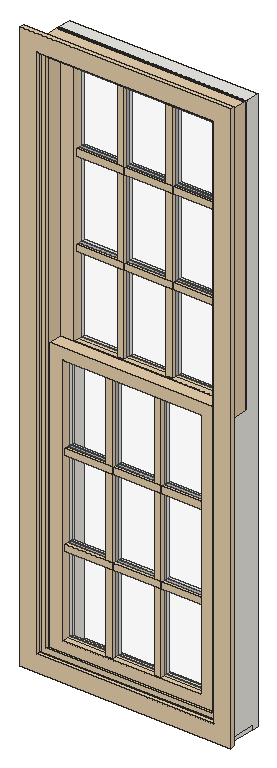
Revit family "Window-Double_Hung-Andersen-400_Series-Tilt_Wash", category Windows, host Wall, Revit 2019
Family settings
  Host = Wall
  OmniClass Number = 23.30.20.17.17.11
  OmniClass Title = Single-Hung Windows
  Always vertical = Yes
  Cut with Voids When Loaded = No
  Shared = No
  Room Calculation Point = No
Parameters (values of type "25-5/8" x 76-7/8"")
  Visual Light Transmittance = 0.48  # constant formula
  Thermal Resistance (R) = 0.58645  # 3.3300 (h·ft²·°F)/BTU
  TFL = if(Fractional Lights High > 5, 3, if(or(Fractional Lights High = 4, Fractional Lights High = 5), 2, if(or(Fractional Lights High = 2, Fractional Lights High = 3), 1, 1)))  # 1
  TFB = TFL - 1  # 0
  Solar Heat Gain Coefficient = 0.21  # constant formula
  Sill MO Offset = if(Enter Exterior Trim Number > 0, 0' 1 15/16" + Masonry Opening Offset, 0' 0 1/4")  # 0' - 0 1/4"
  Learn About These Parameters = "http://www.andersenwindows.com/for-professionals/cad-symbols-bim-support-window-doors/bim-support"
  LWide = if(or(Enter Pattern Number = 3, Enter Pattern Number = 4), 3, if(or(Enter Pattern Number = 1, Enter Pattern Number = 2), . . Lights Wide, Fractional Lights Wide))  # 3
  Interior Material = Wood - Andersen - Pine
  Interior Grille Bar = yes
  Heat Transfer Coefficient (U) = 1.7035  # 0.3000 BTU/(h·ft²·°F)
  Head MO Offset = if(Enter Exterior Trim Number > 0, casing4 + Masonry Opening Offset, 0' 0 1/4")  # 0' - 0 1/4"
  Glazing Material = Glass ‐ Andersen - Low-E4 SmartSun
  Fractional Lights Wide = 3  # constant formula
  Fractional Lights High = 3  # constant formula
  Exterior Unit Finish = Vinyl - Andersen - White
  Exterior Grille Bar = yes
  Enter Style Number = 1
  Analytic Construction = "<None>"
  ..Style Number 1 = "Double Hung"  # constant formula
  ..Style Number 2 = "Double Hung Cottage"  # constant formula
  ..Style Number 3 = "Double Hung Reverse Cottage"  # constant formula
  Available Grille Bar Sizes = "3/4'', 7/8'', 1 1/8'', 2 1/4''"  # constant formula
  Between Glass Grille Bar Sizes = "3/4'', 1''"  # constant formula
  Interior Casing = yes
  Grille Bar Size = 0' - 0 7/8"
  Enter Pattern Number = 1
  ..Pattern Number 1 = "Colonial"  # constant formula
  ..Pattern Number 2 = "Colonial Top Sash Only"  # constant formula
  . . Lights Wide = 3
  . . Top Sash Lights High = 3
  . . Bottom Sash Lights High = 3
  ..Pattern Number 3 = "Prairie Each Sash"  # constant formula
  ..Pattern Number 4 = "Prairie Top Sash Only"  # constant formula
  ..Pattern Number 5 = "Short Fractional"  # constant formula
  Extension Jamb = yes
  Enter Exterior Trim Number = 0
  ..Exterior Trim Number 0 = "No Exterior Trim"  # constant formula
  ..Exterior Trim Number 1 = "Brick Mould"  # constant formula
  ..Exterior Trim Number 2 = "3 1/2'' Flat Casing"  # constant formula
  ..Exterior Trim Number 3 = "4 1/2'' Flat Casing"  # constant formula
  Between Glass Grille Bar = yes
  xjamb Visibility [instance] = and(Extension Jamb, and(Wall Depth > 0' 4 1/2", Extension Jamb))  # yes
  xjamb S1 [instance] = if(Wall Depth > 0' 1 7/8", Wall Depth - 0' 4 1/2", 0' 3")  # 0' - 0 1/16"
  sill nose1 = 0' - 1 13/16"  # constant formula
  sill nose 2 = 0' - 1 15/16"  # constant formula
  casingS2 = if(Enter Exterior Trim Number = 1, 0' 0 3/16", 0' 0 3/16")  # 0' - 0 3/16"
  casingS1 = if(Enter Exterior Trim Number = 1, 0' 0 7/16", 0' 0 3/16")  # 0' - 0 3/16"
  casing4 = if(Enter Exterior Trim Number = 1, 0' 1 3/4", if(Enter Exterior Trim Number = 2, 0' 3 1/4", 0' 4 1/4"))  # 0' - 4 1/4"
  casing3 = 0' - 0 1/2"  # constant formula
  casing2 = 0' - 0 7/8"  # constant formula
  casing1 = 0' - 0 1/4"  # constant formula
  Wall Thickness [instance] = 0' - 6"
  Wall Depth [instance] = 0' - 4 9/16"
  Void Offset 2 = if(Enter Exterior Trim Number > 0, 0' 1 15/16", 0' 0")  # 0' - 0"
  Void Offset 1 = if(Enter Exterior Trim Number > 0, casing4, 0' 0")  # 0' - 0"
  Void Depth [instance] = if(Wall Thickness > Wall Depth, 0' 1" + Wall Thickness - Wall Depth, 0' 1")  # 0' - 2 7/16"
  VGB DLO = if(or(Enter Pattern Number = 3, Enter Pattern Number = 4), 0' 4", (H DLO - (Grille Bar Size * (V Bars))) / if(LWide > 2, LWide, 3))  # 0' - 5 3/4"
  V Bars = if(LWide > 2, LWide - 1, 2)  # 2
  URL = "www.andersenwindows.com"
  Type Comments = "Vinyl-clad wood double hung window"
  TS V DLO = Check Rail Location  # 2' - 10 5/16"
  TS V Bar Length = if(Enter Pattern Number = 5, (TS V DLO - ((Fractional Lights High - 1) * Grille Bar Size)) / Fractional Lights High, if(Height > 6' 5 1/2", (Height - HGO - SGO - 0' 1 1/2") * 0.66667, if(and(Height > 2' 5 7/16", Enter Style Number > 1), (Height - HGO - SGO - 0' 1 1/2") * 0.6, (Height - HGO - SGO - 0' 1 1/2") / 2)))  # 2' - 10 5/16"
  TS SH DLO = if(Enter Pattern Number = 5, ((TS V DLO - ((Fractional Lights High - 1) * Grille Bar Size)) / Fractional Lights High) + HGO + (Grille Bar Size / 2), (TS V DLO / 2) + HGO)  # 1' - 7 13/32"
  TS S V = LWide = 2  # no
  TS S H Craftsman = no
  TS S H = or(or(and(. . Top Sash Lights High = 2, or(or(or(Enter Pattern Number = 5, Enter Pattern Number = 6), Enter Pattern Number = 1), Enter Pattern Number = 2)), Enter Pattern Number = 6), Enter Pattern Number = 5)  # no
  TS M V = or(or(or(or(or(and(LWide > 2, Enter Pattern Number = 1), and(LWide > 2, Enter Pattern Number = 2)), Enter Pattern Number = 3), Enter Pattern Number = 4), Enter Pattern Number = 5), and(LWide > 2, Enter Pattern Number = 6))  # yes
  TS M H = or(or(and(. . Top Sash Lights High > 2, Enter Pattern Number = 1), and(. . Top Sash Lights High > 2, Enter Pattern Number = 2), Enter Pattern Number = 3), Enter Pattern Number = 4)  # yes
  TS HGB DLO = if(or(Enter Pattern Number = 3, Enter Pattern Number = 4), 0' 4", if(. . Top Sash Lights High > 2, (TS V Bar Length - (Grille Bar Size * (. . Top Sash Lights High - 1))) / . . Top Sash Lights High, 0' 4"))  # 0' - 10.85417"
  TS H Bars = if(or(Enter Pattern Number = 3, Enter Pattern Number = 4), 2, if(. . Top Sash Lights High > 2, . . Top Sash Lights High - 1, 2))  # 2
  SGO = 0' - 4 1/2"  # constant formula
  Rough Width = Width + (Rough Opening Offset * 2)  # 2' - 2 1/8"
  Rough Opening Offset = 0' - 0 1/4"
  Rough Height = Height + (Rough Opening Offset * 2)  # 6' - 5 3/8"
  Product Documentation Link = "http://www.andersenwindows.com/products/400-series-tilt-wash-double-hung-window/"
  Plan Exterior Mask Visibility [instance] = Plan Exterior Mask 2 > 0' 0 1/32"  # yes
  Plan Exterior Mask 2 [instance] = if(Enter Exterior Trim Number > 0, if(Wall Depth + 0' 1 1/16" + casingS1 > Wall Thickness, 0' 0 1/32", Wall Thickness - Wall Depth - 0' 1 1/16" - casingS1), if(Wall Depth + 0' 1 1/16" > Wall Thickness, 0' 0 1/32", Wall Thickness - Wall Depth - 0' 0 1/16"))  # 0' - 1 3/8"
  Plan Exterior Mask [instance] = if(Enter Exterior Trim Number > 0, 0' 1 1/16" + casingS1, 0' 1 1/16")  # 0' - 1 1/16"
  Nail Fin Visibility = Enter Exterior Trim Number = 0  # yes
  Model = "400-Series Tilt-Wash Double Hung"  # constant formula
  Masonry Width = if(Enter Exterior Trim Number > 0, Width + ((casing4 + Masonry Opening Offset) * 2), Width + (Masonry Opening Offset * 2))  # 2' - 2 1/8"
  Masonry Opening Offset = 0' - 0 1/4"
  Masonry Height = if(Enter Exterior Trim Number > 0, Height + (casing4 + Masonry Opening Offset) + (sill nose 2 + Masonry Opening Offset), Height + (Masonry Opening Offset * 2))  # 6' - 5 3/8"
  Manufacturer = "Andersen Corporation"  # constant formula
  JGO = 0' - 3 5/16"  # constant formula
  Interior Casing Size = 0' - 2 1/4"
  Horizontal Craftsman Bar Size = 0' - 0 3/4"
  Height = 6' - 4 7/8"
  HGO = 0' - 2 1/4"  # constant formula
  H DLO = Width - (JGO * 2)  # 1' - 7"
  Family Version = "06.01.14"  # constant formula
  Exterior Trim Finish = Fibrex Composite - Andersen - White
  Designation = "TW2062"
  Description = "Vinyl-clad hung window"  # constant formula
  Default Sill Height = 6' 10 1/2" - Rough Height  # 0' - 5 1/8"
  Wall Closure = By host
  Width = 2' - 1 5/8"
  Coarse Plan [instance] = if(Wall Depth < Wall Thickness, Wall Depth, Wall Thickness)  # 0' - 4 9/16"
  Check Rail Location = if(and(Height > 4' 0 3/4", Height < 5' 9"), if(Enter Style Number = 2, ((Height - HGO - SGO - 0' 1 1/2") / 2) - 0' 6", if(Enter Style Number = 3, ((Height - HGO - SGO - 0' 1 1/2") / 2) + 0' 6", (Height - HGO - SGO - 0' 1 1/2") / 2)), (Height - HGO - SGO - 0' 1 1/2") / 2)  # 2' - 10 5/16"
  Casing Visibility = Enter Exterior Trim Number > 0  # no
  Between Glass Grille Bar Finish = Stainless Steel - Andersen - Standard
  Bar Center Line = if(Enter Pattern Number = 6, 1, 2)  # 2
  BS V DLO = Height - HGO - SGO - 0' 1 1/2" - Check Rail Location  # 2' - 10 5/16"
  BS SH DLO = if(Enter Pattern Number = 5, SGO + 0' 4" + (Grille Bar Size / 2), (BS V DLO / 2) + SGO)  # 1' - 9 21/32"
  BS S V = and(LWide = 2, Enter Pattern Number = 1)  # no
  BS S H = and(. . Bottom Sash Lights High = 2, Enter Pattern Number = 1)  # no
  BS M V = or(and(LWide > 2, Enter Pattern Number = 1), Enter Pattern Number = 3)  # yes
  BS M H = or(and(. . Bottom Sash Lights High > 2, Enter Pattern Number = 1), Enter Pattern Number = 3)  # yes
  BS HGB DLO = if(. . Bottom Sash Lights High > 2, if(Enter Pattern Number = 3, 0' 4", (BS V DLO - (Grille Bar Size * (. . Bottom Sash Lights High - 1))) / . . Bottom Sash Lights High), 0' 4")  # 0' - 10.85417"
  BS H Bars = if(Enter Pattern Number = 3, 2, if(. . Bottom Sash Lights High > 2, . . Bottom Sash Lights High - 1, 2))  # 2
  Assembly Code = "B2020100"
Reference planes (in)
  plane 1 "Center (Front/Back)": y = 0
  plane 2: z = 0
  plane 3 "Center (Left/Right)": x = 0
  plane 4 "R Frame": x = -12.8125
  plane 5 "L Frame": x = 12.8125
  plane 6 "B Frame": z = 5.625
  plane 7 "T Frame": z = 82.5
  plane 8 "L Glazing": x = 9.5
  plane 9 "L Ext Frame": x = 10.9375
  plane 10 "L Int Frame": x = 11.46875
  plane 11 "L Xjamb 1": x = 12.125
  plane 12 "L Casing 1": x = 12.5625
  plane 13 "L Xjamb 2": x = 12.75
  plane 14 "L Rough Opening": x = 13.0625
  plane 15 "L Casing 2": x = 16.1875
  plane 16 "L Casing 3": x = 16.5625
  plane 17 "L Casing 4": x = 17.0625
  plane 18 "R Glazing": x = -9.5
  plane 19 "R Ext Frame": x = -10.9375
  plane 20 "R Int Frame": x = -11.46875
  plane 21 "R Xjamb 1": x = -12.125
  plane 22 "R Casing 1": x = -12.5625
  plane 23 "R Xjamb 2": x = -12.75
  plane 24 "R Rough Opening": x = -13.0625
  plane 25 "R Casing 2": x = -16.1875
  plane 26 "R Casing 3": x = -16.5625
  plane 27 "R Casing 4": x = -17.0625
  plane 28 "R Int Casing": x = -14.375
  plane 29 "T Glazing": z = 80.25
  plane 30 "T Ext Frame": z = 81.5625
  plane 31 "T Int Frame": z = 81.15625
  plane 32 "T Xjamb 1": z = 81.8125
  plane 33 "T Casing 1": z = 82.25
  plane 34 "T Xjamb 2": z = 82.4375
  plane 35 "T Rough Opening": z = 82.75
  plane 36 "T Casing 2": z = 85.875
  plane 37 "T Casing 3": z = 86.25
  plane 38 "T Casing 4": z = 86.75
  plane 39 "T Int Casing": z = 84.0625
  plane 40 "B Glazing": z = 10.125
  plane 41 "B Ext Frame": z = 7.5625
  plane 42 "B Int Frame": z = 8.6875
  plane 43 "B Xjamb 2": z = 7.4375
  plane 44 "B Casing 1": z = 4.875
  plane 45 "B Casing 2": z = 3.125
  plane 46 "B Int Casing": z = 5.8125
  plane 47 "L Int Casing": x = 14.375
  plane 48 "Casing S1": y = 3.125
  plane 49 "Casing S2": y = 3.125
  plane 50 "Frame S1": y = 2.9375
  plane 51 "Flange": y = 1.5625
  plane 52 "Glass1 S1": y = 0.75
  plane 53 "Glass1 S2": y = 0.625
  plane 54 "Glass1 S3": y = 0.25
  plane 55 "Glass1 S4": y = 0.125
  plane 56 "Sash1 S2": y = -0.5
  plane 57 "Sash2 S1": y = -0.84375
  plane 58 "Glass2 S1": y = -1.1875
  plane 59 "Glass2 S2": y = -1.3125
  plane 60 "Glass2 S3": y = -1.6875
  plane 61 "Glass2 S4": y = -1.8125
  plane 62 "Sash2 S2": y = -2.4375
  plane 63 "Frame S2": y = -2.9375
  plane 64 "B Xjamb 1": z = 8.0625
  plane 65 "B Check Rail": z = 44.4375
  plane 66 "Check Rail": z = 44.6875
  plane 67 "T Check Rail": z = 45.9375
  plane 68 "Exterior Offset": y = 4
  plane 69 "Interior Casing": y = -3.625
  plane 70 "Vertical Bar Length": z = 45.9375
  plane 71 "B Rough Opening": z = 5.375
  plane 72 "R Masonry Opening": x = -13.0625
  plane 73 "L Masonry Opening": x = 13.0625
  plane 74 "T Masonry Opening": z = 82.75
  plane 75 "B Masonry Opening": z = 4.8125
  plane 76 "Xjamb S1": y = -2.9375
  plane 77 "Sash1 S1": y = 1.09375
  plane 78 "Frame S1.1": y = 2.125
  plane 79 "Frame S1.2": y = 1.3125
  plane 80 "R Ext Frame1": x = -11.40625
  plane 81 "R Ext Frame2": x = -12
  plane 82 "L Ext Frame1": x = 11.40625
  plane 83 "L Ext Frame2": x = 12
  plane 84 "T Ext Frame1": z = 81.25
  plane 85 "B Sill Drop": z = 5.0625
Forms (in)
  Extrusion 1, void
    sketch origin (0, 0, 0) x (1, 0, 0) y (0, 0, 1)
      loop
        line (12.8125, 82.5) -> (-12.8125, 82.5) -> (-12.8125, 5.625) -> (12.8125, 5.625) -> (12.8125, 82.5)
    from -1.5625 to 3
  Extrusion 2, void
    sketch origin (0, 0, 0) x (1, 0, 0) y (0, 0, 1)
      loop
        line (12.8125, 82.5) -> (-12.8125, 82.5) -> (-12.8125, 5.0625) -> (12.8125, 5.0625) -> (12.8125, 82.5)
    from -15 to -1.5625
  Extrusion 3, solid, material "Wood - Andersen - Pine" <- "Interior Material", visible <- "xjamb Visibility"
    sketch origin (0, -2.5625, 0) x (-1, 0, 0) y (0, 0, 1)
      loop
        line (12.75, 82.4375) -> (-12.75, 82.4375) -> (-12.75, 7.4375) -> (12.75, 7.4375) -> (12.75, 82.4375)
      loop
        line (12.125, 81.8125) -> (-12.125, 81.8125) -> (-12.125, 8.0625) -> (12.125, 8.0625) -> (12.125, 81.8125)
    from -0.375 to -0.4375
  Extrusion 4, solid, material "Wood - Andersen - Pine" <- "Interior Material", visible <- "Interior Casing"
    sketch origin (0, -3.625, 0) x (-1, 0, 0) y (0, 0, 1)
      loop
        line (14.375, 84.0625) -> (-14.375, 84.0625) -> (-14.375, 5.8125) -> (14.375, 5.8125) -> (14.375, 84.0625)
      loop
        line (12.125, 81.8125) -> (-12.125, 81.8125) -> (-12.125, 8.0625) -> (12.125, 8.0625) -> (12.125, 81.8125)
    from 0 to 0.625
  Extrusion 5, solid, material "Fibrex Composite - Andersen - White" <- "Exterior Trim Finish", visible <- "Casing Visibility"
    sketch origin (0, 0, 0) x (0, 1, 0) y (0, 0, 1)
      loop
        line (2.9375, 4.95214) -> (2.9375, 5.625) -> (1.5625, 5.625) -> (1.5625, 3.125) -> (3.375, 3.125) -> (3.375, 4.875) -> (2.9375, 4.95214)
    from -17.0625 to 17.0625
  Sweep 6, solid, material "Fibrex Composite - Andersen - White" <- "Exterior Trim Finish", visible <- "Casing Visibility"
    path origin (0, 1.5625, 0) x (-1, 0, 0) y (0, 0, 1)
      loop
        line (-17.0625, 3.125) -> (-17.0625, 86.75) -> (17.0625, 86.75) -> (17.0625, 3.125)
    profile origin (17.0625, 1.5625, 44.9375) x (1, 0, 0) y (0, 1, 0)
      loop
        line (-0.875, 1.5625) -> (-4.5, 1.5625) -> (-4.5, 0) -> (0, 0) -> (0, 1.5625) -> (-0.5, 1.5625) -> (-0.875, 1.5625)
  Extrusion 7, solid, material "Fibrex Composite - Andersen - White" <- "Exterior Trim Finish", visible <- "Casing Visibility"
    sketch origin (0, 1.5625, 0) x (-1, 0, 0) y (0, 0, 1)
      loop
        line (-17.0625, 86.75) -> (-17.0625, 3.125) -> (17.0625, 3.125) -> (17.0625, 86.75) -> (-17.0625, 86.75)
      loop
        line (-12.5625, 82.25) -> (-12.5625, 5.625) -> (12.5625, 5.625) -> (12.5625, 82.25) -> (-12.5625, 82.25)
    from 0 to 1.5625
  Extrusion 8, solid, material "Wood - Andersen - Pine" <- "Interior Material"
    sketch origin (0, -0.5, 0) x (-1, 0, 0) y (0, 0, 1)
      loop
        line (11.40625, 81.5625) -> (-11.40625, 81.5625) -> (-11.40625, 44.6875) -> (11.40625, 44.6875) -> (11.40625, 81.5625)
      loop
        line (9.5, 80.25) -> (-9.5, 80.25) -> (-9.5, 45.9375) -> (9.5, 45.9375) -> (9.5, 80.25)
    from 0 to 1.25
  Extrusion 9, solid, material "Vinyl - Andersen - White" <- "Exterior Unit Finish"
    sketch origin (0, 45.99825, 0) x (-1, 0, 0) y (0, 0, 1)
      loop
        line (-9.5, 80.25) -> (9.5, 80.25) -> (9.5, 45.9375) -> (11.40625, 45.9375) -> (11.40625, 81.5625) -> (-11.40625, 81.5625) -> (-11.40625, 45.9375) -> (-9.5, 45.9375) -> (-9.5, 80.25)
    from -44.9045 to -45.24825
  Extrusion 10, solid, material "Wood - Andersen - Pine" <- "Interior Material"
    sketch origin (0, -2.4375, 0) x (-1, 0, 0) y (0, 0, 1)
      loop
        line (-9.5, 10.125) -> (-9.5, 44.4375) -> (-11.40625, 44.4375) -> (-11.40625, 7.5625) -> (11.40625, 7.5625) -> (11.40625, 44.4375) -> (9.5, 44.4375) -> (9.5, 10.125) -> (-9.5, 10.125)
    from 0 to 1.25
  Extrusion 11, solid, material "Vinyl - Andersen - White" <- "Exterior Unit Finish"
    sketch origin (0, -0.84375, 0) x (-1, 0, 0) y (0, 0, 1)
      loop
        line (-11.40625, 44.6875) -> (-11.40625, 7.5625) -> (11.40625, 7.5625) -> (11.40625, 44.6875) -> (-11.40625, 44.6875)
      loop
        line (-9.5, 44.4375) -> (-9.5, 10.125) -> (9.5, 10.125) -> (9.5, 44.4375) -> (-9.5, 44.4375)
    from 0 to -0.34375
  Extrusion 12, solid, material "Wood - Andersen - Pine" <- "Interior Material"
    sketch origin (0, 0, 0) x (0, 1, 0) y (0, 0, 1)
      loop
        line (-0.5, 45.9375) -> (-2.4375, 45.9375) -> (-2.4375, 44.4375) -> (-1.1875, 44.4375) -> (-1.1875, 44.6875) -> (-0.5, 44.6875) -> (-0.5, 45.9375)
    from -11.40625 to 11.40625
  Extrusion 13, solid, material "Glass ‐ Andersen - Low-E4 SmartSun" <- "Glazing Material"
    sketch origin (0, 0.125, 0) x (-1, 0, 0) y (0, 0, 1)
      loop
        line (-9.5, 80.25) -> (-9.5, 45.9375) -> (9.5, 45.9375) -> (9.5, 80.25) -> (-9.5, 80.25)
    from 0 to 0.625
  Extrusion 14, solid, material "Glass ‐ Andersen - Low-E4 SmartSun" <- "Glazing Material"
    sketch origin (0, -1.8125, 0) x (-1, 0, 0) y (0, 0, 1)
      loop
        line (-9.5, 44.4375) -> (-9.5, 10.125) -> (9.5, 10.125) -> (9.5, 44.4375) -> (-9.5, 44.4375)
    from 0 to 0.625
  Extrusion 15, solid, material "Vinyl - Andersen - White" <- "Exterior Unit Finish"
    sketch origin (0, 0, 0) x (0, 1, 0) y (0, 0, 1)
      loop
        line (1.09375, 45.9375) -> (0.75, 45.9375) -> (0.75, 44.6875) -> (-0.84375, 44.6875) -> (-0.84375, 44.4375) -> (1.09375, 44.4375) -> (1.09375, 45.9375)
    from -11.40625 to 11.40625
  Extrusion 16, solid, material "Vinyl - Andersen - White" <- "Exterior Unit Finish"
    sketch origin (0, 0, 0) x (0, 1, 0) y (0, 0, 1)
      loop
        line (2.125, 5.0625) -> (2.9375, 5.0625) -> (2.9375, 6.09375) -> (2.54565, 6.19623) -> (2.54565, 6.60248) -> (-1.1875, 7.57885) -> (-1.1875, 6.1576) -> (0.8489, 5.625) -> (2.125, 5.625) -> (2.125, 5.0625)
      loop
        line (1.09375, 82.5) -> (1.09375, 81.25) -> (2.125, 81.25) -> (2.125, 81.5625) -> (2.9375, 81.5625) -> (2.9375, 82.5) -> (1.09375, 82.5)
    from -12.8125 to 12.8125
  Extrusion 17, solid, material "Wood - Andersen - Pine" <- "Interior Material"
    sketch origin (0, 0, 0) x (0, 1, 0) y (0, 0, 1)
      loop
        line (-1.1875, 7.57885) -> (-2.4375, 7.90577) -> (-2.4375, 8.6875) -> (-2.9375, 8.6875) -> (-2.9375, 6.61529) -> (-1.1875, 6.1576) -> (-1.1875, 7.57885)
      loop
        line (0.75, 81.8125) -> (0.75, 82.5) -> (-2.9375, 82.5) -> (-2.9375, 81.15625) -> (-2.4375, 81.15625) -> (-2.4375, 81.8125) -> (0.75, 81.8125)
    from -12.8125 to 12.8125
  Extrusion 18, solid, material "Vinyl - Andersen - White" <- "Exterior Unit Finish"
    sketch origin (0, 0, 44.4375) x (0, -1, 0) y (1, 0, 0)
      loop
        line (1.1875, -12.8125) -> (1.1875, -11.40625) -> (-1.09375, -11.40625) -> (-1.09375, -10.9375) -> (-1.3125, -10.9375) -> (-1.3125, -11.40625) -> (-2.125, -11.72532) -> (-2.125, -12) -> (-2.9375, -12) -> (-2.9375, -12.8125) -> (1.1875, -12.8125)
      loop
        line (1.1875, 12.8125) -> (-2.9375, 12.8125) -> (-2.9375, 12) -> (-2.125, 12) -> (-2.125, 11.72532) -> (-1.3125, 11.40625) -> (-1.3125, 10.9375) -> (-1.09375, 10.9375) -> (-1.09375, 11.40625) -> (1.1875, 11.40625) -> (1.1875, 12.8125)
    from -38.8125 to 0.25
  Extrusion 19, solid, material "Wood - Andersen - Pine" <- "Interior Material"
    sketch origin (0, 0, 44.4375) x (0, -1, 0) y (1, 0, 0)
      loop
        line (1.1875, -11.40625) -> (1.1875, -12.8125) -> (2.9375, -12.8125) -> (2.9375, -11.46875) -> (2.4375, -11.46875) -> (2.4375, -11.40625) -> (1.1875, -11.40625)
      loop
        line (2.4375, 11.40625) -> (2.4375, 11.46875) -> (2.9375, 11.46875) -> (2.9375, 12.8125) -> (1.1875, 12.8125) -> (1.1875, 11.40625) -> (2.4375, 11.40625)
    from -36.875 to 0.25
  Extrusion 20, solid, material "Vinyl - Andersen - White" <- "Exterior Unit Finish"
    sketch origin (0, 0, 44.4375) x (0, -1, 0) y (1, 0, 0)
      loop
        line (-1.09375, -12.8125) -> (-1.09375, -10.9375) -> (-1.3125, -10.9375) -> (-1.3125, -11.40625) -> (-2.125, -11.72532) -> (-2.125, -12) -> (-2.9375, -12) -> (-2.9375, -12.8125) -> (-1.09375, -12.8125)
      loop
        line (-1.3125, 10.9375) -> (-1.09375, 10.9375) -> (-1.09375, 12.8125) -> (-2.9375, 12.8125) -> (-2.9375, 12) -> (-2.125, 12) -> (-2.125, 11.72532) -> (-1.3125, 11.40625) -> (-1.3125, 10.9375)
    from 0.25 to 38.0625
  Extrusion 21, solid, material "Wood - Andersen - Pine" <- "Interior Material"
    sketch origin (0, 0, 44.4375) x (0, -1, 0) y (1, 0, 0)
      loop
        line (2.9375, -12.8125) -> (2.9375, -11.46875) -> (2.4375, -11.46875) -> (2.4375, -11.40625) -> (-0.75, -11.40625) -> (-0.75, -12.8125) -> (2.9375, -12.8125)
      loop
        line (2.4375, 11.40625) -> (2.4375, 11.46875) -> (2.9375, 11.46875) -> (2.9375, 12.8125) -> (-0.75, 12.8125) -> (-0.75, 11.40625) -> (2.4375, 11.40625)
    from 0.25 to 38.0625
  Extrusion 22, solid, material "Vinyl - Andersen - White" <- "Exterior Unit Finish"
    sketch origin (0, 1.5625, 0) x (-1, 0, 0) y (0, 0, 1)
      loop
        line (-12.8125, 44.6875) -> (-12.8125, 5.0625) -> (12.8125, 5.0625) -> (12.8125, 44.6875) -> (10.9375, 44.6875) -> (10.9375, 7.5625) -> (-10.9375, 7.5625) -> (-10.9375, 44.6875) -> (-12.8125, 44.6875)
    from -2.75 to 1.375
  Extrusion 23, solid, material "Vinyl - Andersen - White" <- "Exterior Unit Finish"
    sketch origin (0, 1.5625, 0) x (-1, 0, 0) y (0, 0, 1)
      loop
        line (-12.8125, 44.6875) -> (-10.9375, 44.6875) -> (-10.9375, 81.25) -> (10.9375, 81.25) -> (10.9375, 44.6875) -> (12.8125, 44.6875) -> (12.8125, 82.5) -> (-12.8125, 82.5) -> (-12.8125, 44.6875)
    from -0.8125 to 1.375
Cuts and joins
  joined: Extrusion 5, Sweep 6
  joined: Extrusion 10, Extrusion 12
  joined: Extrusion 9, Extrusion 15
  joined: Extrusion 17, Extrusion 19, Extrusion 21
  joined: Extrusion 16, Extrusion 18, Extrusion 20
  joined: Extrusion 22, Extrusion 23
Lines and regions (in)
  Masking region 1
    outline origin (0, 0, 0) x (0, 1, 0) y (0, 0, 1)
      loop
        line (2.9375, 82.5) -> (-2.9375, 82.5) -> (-2.9375, 6.61529) -> (0.8489, 5.625) -> (1.96875, 5.625) -> (1.96875, 5.0625) -> (2.9375, 5.0625) -> (2.9375, 82.5)
  Masking region 2, visible <- "Casing Visibility"
    outline origin (0, 0, 0) x (0, 1, 0) y (0, 0, 1)
      loop
        line (2.9375, 4.95214) -> (2.9375, 5.0625) -> (1.5625, 5.0625) -> (1.5625, 3.125) -> (3.375, 3.125) -> (3.375, 4.875) -> (2.9375, 4.95214)
  Masking region 3, visible <- "Casing Visibility"
    outline origin (0, 0, 0) x (0, 1, 0) y (0, 0, 1)
      loop
        line (2.9375, 82.5) -> (2.9375, 4.95214) -> (3.125, 4.91908) -> (3.125, 86.75) -> (1.5625, 86.75) -> (1.5625, 82.5) -> (2.9375, 82.5)
  Masking region 4, visible <- "xjamb Visibility", detail levels medium+fine
    outline origin (0, 0, 0) x (0, 1, 0) y (0, 0, 1)
      loop
        line (-2.9375, 82.4375) -> (-3, 82.4375) -> (-3, 7.4375) -> (-2.9375, 7.4375) -> (-2.9375, 82.4375)
  Masking region 5, visible <- "Interior Casing", detail levels fine
    outline origin (0, 0, 0) x (0, 1, 0) y (0, 0, 1)
      loop
        line (-3, 84.0625) -> (-3.625, 84.0625) -> (-3.625, 5.8125) -> (-3, 5.8125) -> (-3, 84.0625)
  symbolic lines, style "WindowsFrameMullionProjection", visible <- "Casing Visibility"
    curve 1: line (0, 3.125, 86.25) -> (0, 3.125, 85.875)
    curve 2: line (0, 3.125, 85.875) -> (0, 3.125, 82.25)
    curve 3: line (0, 3.125, 82.25) -> (0, 2.9375, 82.25)
  symbolic lines, style "WindowsGlassProjection"
    curve 4: line (0, 0.75, 80.25) -> (0, 0.75, 45.9375)
    curve 5: line (0, -1.1875, 44.4375) -> (0, -1.1875, 10.125)
    curve 10: line (0, 0.125, 80.25) -> (0, 0.125, 45.9375)
    curve 11: line (0, -1.8125, 44.4375) -> (0, -1.8125, 10.125)
  symbolic lines, style "WindowsGlassProjection", detail levels fine
    curve 6: line (0, 0.625, 80.25) -> (0, 0.625, 45.9375)
    curve 7: line (0, -1.3125, 44.4375) -> (0, -1.3125, 10.125)
    curve 8: line (0, 0.25, 80.25) -> (0, 0.25, 45.9375)
    curve 9: line (0, -1.6875, 44.4375) -> (0, -1.6875, 10.125)
    curve 44: line (0, 0.625, 80.875) -> (0, 0.625, 80.25)
    curve 45: line (0, 0.25, 80.875) -> (0, 0.25, 80.25)
    curve 46: line (0, 0.625, 80.375) -> (0, 0.25, 80.375)
    curve 68: line (0, -1.3125, 10.125) -> (0, -1.3125, 9.45725)
    curve 69: line (0, -1.6875, 10.125) -> (0, -1.6875, 9.45725)
    curve 70: line (0, -1.3125, 10) -> (0, -1.6875, 10)
    curve 81: line (0, -1.3125, 44.4375) -> (0, -1.3125, 45.10525)
    curve 82: line (0, -1.6875, 44.4375) -> (0, -1.6875, 45.10525)
    curve 83: line (0, -1.3125, 44.5625) -> (0, -1.6875, 44.5625)
    curve 88: line (0, 0.625, 45.24375) -> (0, 0.625, 45.9375)
    curve 89: line (0, 0.25, 45.24375) -> (0, 0.25, 45.9375)
    curve 90: line (0, 0.625, 45.8125) -> (0, 0.25, 45.8125)
  symbolic lines, style "WindowsFrameMullionProjection", visible <- "Nail Fin Visibility"
    curve 12: line (0, 1.5625, 82.5) -> (0, 1.5625, 84)
    curve 14: line (0, 1.5625, 4.125) -> (0, 1.5625, 5.625)
  symbolic lines, style "WindowsFrameMullionProjection"
    curve 13: line (0, 0.75, 45.9375) -> (0, 1.09375, 45.78125)
    curve 18: line (0, 1.09375, 80.40625) -> (0, 0.75, 80.25)
    curve 19: line (0, 0.75, 80.25) -> (0, 0.75, 81.125)
    curve 20: line (0, 0.75, 80.875) -> (0, 0.125, 80.875)
    curve 21: line (0, 0.125, 80.25) -> (0, 0.125, 80.875)
    curve 22: line (0, -0.5, 80.40625) -> (0, 0.125, 80.25)
    curve 23: line (0, -0.5, 81.8125) -> (0, -0.5, 80.40625)
    curve 24: line (0, 2.9375, 81.5625) -> (0, 2.125, 81.5625)
    curve 25: line (0, 2.125, 81.5625) -> (0, 2.125, 81.25)
    curve 26: line (0, 2.125, 81.25) -> (0, 0.875, 81.25)
    curve 27: line (0, 1.09375, 80.40625) -> (0, 1.09375, 81.125)
    curve 28: line (0, 0.875, 81.8125) -> (0, -2.4375, 81.8125)
    curve 29: line (0, -2.4375, 81.8125) -> (0, -2.4375, 81.15625)
    curve 30: line (0, -2.65625, 81.15625) -> (0, -2.9375, 81.4375)
    curve 50: line (0, 2.54565, 6.60248) -> (0, -2.4375, 7.90577)
    curve 51: line (0, -2.4375, 7.90577) -> (0, -2.4375, 9.9663)
    curve 52: line (0, -2.75, 8.6875) -> (0, -2.9375, 8.5)
    curve 53: line (0, -1.8125, 10.125) -> (0, -2.4375, 9.9663)
    curve 54: line (0, -1.8125, 9.45725) -> (0, -1.8125, 10.125)
    curve 55: line (0, -1.1875, 9.45725) -> (0, -1.8125, 9.45725)
    curve 56: line (0, -1.1875, 10.125) -> (0, -1.1875, 9.1538)
    curve 57: line (0, -0.84375, 9.9663) -> (0, -1.1875, 10.125)
    curve 58: line (0, -0.84375, 9.5288) -> (0, -0.84375, 9.9663)
    curve 74: line (0, -2.4375, 45.8125) -> (0, -2.4375, 44.59375)
    curve 75: line (0, -1.8125, 44.4375) -> (0, -2.4375, 44.59375)
    curve 76: line (0, -1.8125, 45.10525) -> (0, -1.8125, 44.4375)
    curve 77: line (0, -1.1875, 45.10525) -> (0, -1.8125, 45.10525)
    curve 78: line (0, -1.1875, 44.4375) -> (0, -1.1875, 45.10525)
    curve 79: line (0, -0.84375, 44.4375) -> (0, -1.1875, 44.4375)
    curve 80: line (0, -0.84375, 45.8125) -> (0, -0.84375, 44.4375)
    curve 84: line (0, 0.75, 45.9375) -> (0, 0.75, 45.0625)
    curve 85: line (0, 0.75, 45.24375) -> (0, 0.125, 45.24375)
    curve 86: line (0, 0.125, 45.9375) -> (0, 0.125, 45.24375)
    curve 87: line (0, -0.28, 45.8125) -> (0, 0.125, 45.9375)
    curve 91: line (0, 0.875, 44.4375) -> (0, -0.84375, 44.4375)
    curve 92: line (0, 1.09375, 45.0625) -> (0, 1.09375, 45.78125)
    curve 93: line (0, -0.28, 45.8125) -> (0, -2.4375, 45.8125)
    curve 151: line (0, 1.09375, 81.125) -> (0, 0.75, 81.125)
    curve 152: line (0, 0.875, 81.125) -> (0, 0.875, 81.8125)
    curve 155: line (0, -2.4375, 81.15625) -> (0, -2.65625, 81.15625)
    curve 157: line (0, -1.0625, 7.54615) -> (0, -1.0625, 9.1538)
    curve 159: line (0, -0.84375, 9.5288) -> (0, -1.0625, 9.1538)
    curve 161: line (0, -2.75, 8.6875) -> (0, -2.4375, 8.6875)
    curve 162: line (0, 2.54565, 6.19623) -> (0, 2.54565, 6.60248)
    curve 165: line (0, 2.9375, 6.09375) -> (0, 2.54565, 6.19623)
    curve 167: line (0, -1.1875, 9.1538) -> (0, -1.0625, 9.1538)
    curve 169: line (0, 0.875, 44.4375) -> (0, 0.875, 45.0625)
    curve 170: line (0, 0.75, 45.0625) -> (0, 1.09375, 45.0625)
  symbolic lines, style "WindowsFrameMullionProjection", visible <- "Nail Fin Visibility", not visible
    curve 15: line (0, 69.99411, 71.7698) -> (0, 69.99411, 73.2698)
    curve 17: line (0, 70.16253, 57.16759) -> (0, 70.16253, 58.66759)
  symbolic lines, style "WindowsFrameMullionProjection", not visible
    curve 16: line (0, 67.87266, 67.02244) -> (0, 68.21641, 66.86619)
    curve 31: line (0, 69.52536, 69.67605) -> (0, 69.18161, 69.5198)
    curve 32: line (0, 69.18161, 69.5198) -> (0, 69.18161, 70.3948)
    curve 33: line (0, 69.18161, 70.1448) -> (0, 68.55661, 70.1448)
    curve 34: line (0, 68.55661, 69.5198) -> (0, 68.55661, 70.1448)
    curve 35: line (0, 67.93161, 69.67605) -> (0, 68.55661, 69.5198)
    curve 36: line (0, 67.93161, 71.0823) -> (0, 67.93161, 69.67605)
    curve 37: line (0, 71.36911, 70.8323) -> (0, 70.55661, 70.8323)
    curve 38: line (0, 70.55661, 70.8323) -> (0, 70.55661, 70.5198)
    curve 39: line (0, 70.55661, 70.5198) -> (0, 69.30661, 70.5198)
    curve 40: line (0, 69.52536, 69.67605) -> (0, 69.52536, 70.3948)
    curve 41: line (0, 69.30661, 71.0823) -> (0, 65.99411, 71.0823)
    curve 42: line (0, 65.99411, 71.0823) -> (0, 65.99411, 70.42605)
    curve 43: line (0, 65.77536, 70.42605) -> (0, 65.49411, 70.7073)
    curve 59: line (0, 71.14568, 59.64507) -> (0, 66.16253, 60.94836)
    curve 60: line (0, 66.16253, 60.94836) -> (0, 66.16253, 63.00889)
    curve 61: line (0, 65.85003, 61.73009) -> (0, 65.66253, 61.54259)
    curve 62: line (0, 66.78753, 63.16759) -> (0, 66.16253, 63.00889)
    curve 63: line (0, 66.78753, 62.49984) -> (0, 66.78753, 63.16759)
    curve 64: line (0, 67.41253, 62.49984) -> (0, 66.78753, 62.49984)
    curve 65: line (0, 67.41253, 63.16759) -> (0, 67.41253, 62.19639)
    curve 66: line (0, 67.75628, 63.00889) -> (0, 67.41253, 63.16759)
    curve 67: line (0, 67.75628, 62.57139) -> (0, 67.75628, 63.00889)
    curve 94: line (0, 64.68516, 66.89744) -> (0, 64.68516, 65.67869)
    curve 95: line (0, 65.31016, 65.52244) -> (0, 64.68516, 65.67869)
    curve 96: line (0, 65.31016, 66.19019) -> (0, 65.31016, 65.52244)
    curve 97: line (0, 65.93516, 66.19019) -> (0, 65.31016, 66.19019)
    curve 98: line (0, 65.93516, 65.52244) -> (0, 65.93516, 66.19019)
    curve 99: line (0, 66.27891, 65.52244) -> (0, 65.93516, 65.52244)
    curve 100: line (0, 66.27891, 66.89744) -> (0, 66.27891, 65.52244)
    curve 104: line (0, 67.87266, 67.02244) -> (0, 67.87266, 66.14744)
    curve 105: line (0, 67.87266, 66.32869) -> (0, 67.24766, 66.32869)
    curve 106: line (0, 67.24766, 67.02244) -> (0, 67.24766, 66.32869)
    curve 107: line (0, 66.84266, 66.89744) -> (0, 67.24766, 67.02244)
    curve 111: line (0, 67.99766, 65.52244) -> (0, 66.27891, 65.52244)
    curve 112: line (0, 68.21641, 66.14744) -> (0, 68.21641, 66.86619)
    curve 113: line (0, 66.84266, 66.89744) -> (0, 64.68516, 66.89744)
    curve 153: line (0, 69.52536, 70.3948) -> (0, 69.18161, 70.3948)
    curve 154: line (0, 69.30661, 70.3948) -> (0, 69.30661, 71.0823)
    curve 156: line (0, 65.99411, 70.42605) -> (0, 65.77536, 70.42605)
    curve 158: line (0, 67.53753, 60.58874) -> (0, 67.53753, 62.19639)
    curve 160: line (0, 67.75628, 62.57139) -> (0, 67.53753, 62.19639)
    curve 163: line (0, 65.85003, 61.73009) -> (0, 66.16253, 61.73009)
    curve 164: line (0, 71.14568, 59.23882) -> (0, 71.14568, 59.64507)
    curve 166: line (0, 71.53753, 59.13634) -> (0, 71.14568, 59.23882)
    curve 168: line (0, 67.41253, 62.19639) -> (0, 67.53753, 62.19639)
    curve 171: line (0, 67.99766, 65.52244) -> (0, 67.99766, 66.14744)
    curve 172: line (0, 67.87266, 66.14744) -> (0, 68.21641, 66.14744)
  symbolic lines, style "WindowsGlassProjection", not visible, detail levels fine
    curve 47: line (0, 69.05661, 70.1448) -> (0, 69.05661, 69.5198)
    curve 48: line (0, 68.68161, 70.1448) -> (0, 68.68161, 69.5198)
    curve 49: line (0, 69.05661, 69.6448) -> (0, 68.68161, 69.6448)
    curve 71: line (0, 67.28753, 63.16759) -> (0, 67.28753, 62.49984)
    curve 72: line (0, 66.91253, 63.16759) -> (0, 66.91253, 62.49984)
    curve 73: line (0, 67.28753, 63.04259) -> (0, 66.91253, 63.04259)
    curve 101: line (0, 65.81016, 65.52244) -> (0, 65.81016, 66.19019)
    curve 102: line (0, 65.43516, 65.52244) -> (0, 65.43516, 66.19019)
    curve 103: line (0, 65.81016, 65.64744) -> (0, 65.43516, 65.64744)
    curve 108: line (0, 67.74766, 66.32869) -> (0, 67.74766, 67.02244)
    curve 109: line (0, 67.37266, 66.32869) -> (0, 67.37266, 67.02244)
    curve 110: line (0, 67.74766, 66.89744) -> (0, 67.37266, 66.89744)
    curve 124: line (-21.66017, 14.37318, 46.25) -> (-21.06642, 14.37318, 46.25)
    curve 125: line (-21.66017, 13.99818, 46.25) -> (-21.06642, 13.99818, 46.25)
    curve 126: line (-21.19142, 14.37318, 46.25) -> (-21.19142, 13.99818, 46.25)
    curve 142: line (-21.66017, 12.43568, 46.25) -> (-21.06642, 12.43568, 46.25)
    curve 143: line (-21.66017, 12.06068, 46.25) -> (-21.06642, 12.06068, 46.25)
    curve 144: line (-21.19142, 12.43568, 46.25) -> (-21.19142, 12.06068, 46.25)
  symbolic lines, style "WindowsFrameMullionProjection", visible <- "xjamb Visibility", detail levels medium+fine
    curve 114: line (0, -2.9375, 81.8125) -> (0, -3, 81.8125)
    curve 116: line (0, -2.9375, 8.0625) -> (0, -3, 8.0625)
  symbolic lines, style "WindowsFrameMullionProjection", visible <- "Interior Casing", detail levels fine
    curve 115: line (0, -3, 81.8125) -> (0, -3.625, 81.8125)
    curve 117: line (0, -3, 8.0625) -> (0, -3.625, 8.0625)
  symbolic lines, style "WindowsFrameMullionProjection", visible <- "Nail Fin Visibility", not visible, detail levels medium+fine
    curve 118: line (-24.37892, 15.31068, 0) -> (-25.87892, 15.31068, 0)
  symbolic lines, style "WindowsFrameMullionProjection", not visible, detail levels fine
    curve 119: line (-22.78517, 13.24818, 46.25) -> (-21.22267, 13.24818, 46.25)
    curve 120: line (-21.22267, 13.24818, 46.25) -> (-21.06642, 13.87318, 46.25)
    curve 121: line (-21.06642, 13.87318, 46.25) -> (-21.66017, 13.87318, 46.25)
    curve 122: line (-21.66017, 14.49818, 46.25) -> (-21.66017, 13.87318, 46.25)
    curve 123: line (-21.06954, 14.49818, 46.25) -> (-21.94142, 14.49818, 46.25)
    curve 127: line (-23.56642, 16.68568, 46.25) -> (-23.56642, 15.87318, 46.25)
    curve 128: line (-23.56642, 15.87318, 46.25) -> (-23.29174, 15.87318, 46.25)
    curve 129: line (-23.29174, 15.87318, 46.25) -> (-22.97267, 15.06068, 46.25)
    curve 130: line (-22.78517, 14.62318, 46.25) -> (-22.78517, 11.31068, 46.25)
    curve 131: line (-22.97267, 15.06068, 46.25) -> (-22.50392, 15.06068, 46.25)
    curve 132: line (-22.78517, 14.62318, 46.25) -> (-21.94142, 14.62318, 46.25)
    curve 133: line (-22.50392, 15.06068, 46.25) -> (-22.50392, 14.62318, 46.25)
    curve 134: line (-21.94142, 14.49818, 46.25) -> (-21.94142, 14.84193, 46.25)
    curve 135: line (-21.22267, 14.84193, 46.25) -> (-21.06954, 14.49818, 46.25)
    curve 136: line (-21.22267, 14.84193, 46.25) -> (-21.94142, 14.84193, 46.25)
    curve 137: line (-23.03517, 11.31068, 46.25) -> (-21.22267, 11.31068, 46.25)
    curve 138: line (-21.22267, 11.31068, 46.25) -> (-21.06642, 11.93568, 46.25)
    curve 139: line (-21.06642, 11.93568, 46.25) -> (-21.66017, 11.93568, 46.25)
    curve 140: line (-21.66017, 12.56068, 46.25) -> (-21.66017, 11.93568, 46.25)
    curve 141: line (-21.06954, 12.56068, 46.25) -> (-21.94142, 12.56068, 46.25)
    curve 145: line (-22.78517, 12.68568, 46.25) -> (-21.94142, 12.68568, 46.25)
    curve 146: line (-21.94142, 12.56068, 46.25) -> (-21.94142, 12.90443, 46.25)
    curve 147: line (-21.22267, 12.90443, 46.25) -> (-21.06954, 12.56068, 46.25)
    curve 148: line (-21.22267, 12.90443, 46.25) -> (-21.94142, 12.90443, 46.25)
    curve 149: line (-23.03517, 11.09084, 46.25) -> (-23.36905, 10.81068, 46.25)
    curve 150: line (-23.03517, 11.09084, 46.25) -> (-23.03517, 11.31068, 46.25)
Text (in)
  text "EXTERIOR" at (-58.6888, 50.90694, 0), in view "Ref. Level"
  text "INTERIOR" at (-58.6888, -37.76638, 0), in view "Ref. Level"
  text "Exterior" at (0, 43.65631, 123.19604), in view "Left"
  text "Exterior" at (0, 18.29385, 125.04747), in view "Right"
Dimensions and locks (in)
  equal spacing: plane 4 "R Frame", plane 3 "Center (Left/Right)", plane 5 "L Frame"
  "Width": plane 4 "R Frame" to plane 5 "L Frame"
  "Height": plane 6 "B Frame" to plane 7 "T Frame"
  locked: plane 50 "Frame S1" to plane 51 "Flange" at 1.375
  locked: plane 51 "Flange" to plane 52 "Glass1 S1" at 0.8125
  locked: plane 51 "Flange" to plane 53 "Glass1 S2" at 0.9375
  locked: plane 51 "Flange" to plane 54 "Glass1 S3" at 1.3125
  locked: plane 51 "Flange" to plane 55 "Glass1 S4" at 1.4375
  locked: plane 51 "Flange" to plane 56 "Sash1 S2" at 2.0625
  locked: plane 51 "Flange" to plane 57 "Sash2 S1" at 2.40625
  locked: plane 51 "Flange" to plane 58 "Glass2 S1" at 2.75
  locked: plane 51 "Flange" to plane 59 "Glass2 S2" at 2.875
  locked: plane 51 "Flange" to plane 60 "Glass2 S3" at 3.25
  locked: plane 51 "Flange" to plane 61 "Glass2 S4" at 3.375
  locked: plane 51 "Flange" to plane 62 "Sash2 S2" at 4
  locked: plane 51 "Flange" to plane 63 "Frame S2" at 4.5
  "casingS2": plane 49 "Casing S2" to plane 50 "Frame S1"
  "casingS1": plane 48 "Casing S1" to plane 50 "Frame S1"
  locked: plane 34 "T Xjamb 2" to plane 7 "T Frame" at 0.0625
  "casing1": plane 33 "T Casing 1" to plane 7 "T Frame"
  locked: plane 32 "T Xjamb 1" to plane 7 "T Frame" at 0.6875
  locked: plane 31 "T Int Frame" to plane 7 "T Frame" at 1.34375
  locked: plane 30 "T Ext Frame" to plane 7 "T Frame" at 0.9375
  "HGO": plane 29 "T Glazing" to plane 7 "T Frame"
  "Rough Opening Offset": plane 7 "T Frame" to plane 35 "T Rough Opening"
  "casing4": plane 7 "T Frame" to plane 38 "T Casing 4"
  locked: plane 6 "B Frame" to plane 43 "B Xjamb 2" at 1.8125
  locked: plane 6 "B Frame" to plane 64 "B Xjamb 1" at 2.4375
  locked: plane 6 "B Frame" to plane 41 "B Ext Frame" at 1.9375
  locked: plane 6 "B Frame" to plane 42 "B Int Frame" at 3.0625
  "SGO": plane 6 "B Frame" to plane 40 "B Glazing"
  locked: plane 65 "B Check Rail" to plane 67 "T Check Rail" at 1.5
  locked: plane 66 "Check Rail" to plane 67 "T Check Rail" at 1.25
  "Check Rail Location": plane 67 "T Check Rail" to plane 29 "T Glazing"
  "casing4": plane 5 "L Frame" to plane 17 "L Casing 4"
  "casing4": plane 27 "R Casing 4" to plane 4 "R Frame"
  "casing3": plane 37 "T Casing 3" to plane 38 "T Casing 4"
  "casing2": plane 36 "T Casing 2" to plane 38 "T Casing 4"
  "casing3": plane 27 "R Casing 4" to plane 26 "R Casing 3"
  "casing2": plane 27 "R Casing 4" to plane 25 "R Casing 2"
  "casing1": plane 4 "R Frame" to plane 22 "R Casing 1"
  "casing1": plane 12 "L Casing 1" to plane 5 "L Frame"
  "casing3": plane 16 "L Casing 3" to plane 17 "L Casing 4"
  "casing2": plane 15 "L Casing 2" to plane 17 "L Casing 4"
  locked: plane 68 "Exterior Offset" to host wall at 1
  "Void Offset 1": plane 7 "T Frame" to Extrusion 2 sketch curve
  "Void Offset 1": Extrusion 2 sketch curve to plane 4 "R Frame"
  "Void Offset 1": plane 5 "L Frame" to Extrusion 2 sketch curve
  "Interior Casing Size": plane 28 "R Int Casing" to plane 21 "R Xjamb 1"
  "Interior Casing Size": plane 11 "L Xjamb 1" to plane 47 "L Int Casing"
  "Interior Casing Size": plane 32 "T Xjamb 1" to plane 39 "T Int Casing"
  "Interior Casing Size": plane 46 "B Int Casing" to plane 64 "B Xjamb 1"
  locked: plane 4 "R Frame" to plane 21 "R Xjamb 1" at 0.6875
  locked: plane 4 "R Frame" to plane 20 "R Int Frame" at 1.34375
  locked: plane 4 "R Frame" to plane 19 "R Ext Frame" at 1.875
  "JGO": plane 4 "R Frame" to plane 18 "R Glazing"
  locked: plane 10 "L Int Frame" to plane 5 "L Frame" at 1.34375
  locked: plane 9 "L Ext Frame" to plane 5 "L Frame" at 1.875
  "JGO": plane 8 "L Glazing" to plane 5 "L Frame"
  locked: plane 11 "L Xjamb 1" to plane 5 "L Frame" at 0.6875
  "Wall Thickness": host wall to host wall
  "sill nose1": Masking region 2 sketch curve to plane 51 "Flange"
  "TS SH DLO": nested 3 to plane 7 "T Frame"
  "VGB DLO": nested 5 to plane 8 "L Glazing"
  "VGB DLO": nested 7 to plane 8 "L Glazing"
  "BS HGB DLO": plane 40 "B Glazing" to nested 8
  group 2 to group 1 = 0' - 6 5/8"
  group 1 to group 2 = 0' - 0"  (x2)
  "VGB DLO": plane 18 "R Glazing" to nested 9
  group 4 to group 3 = 0' - 6 5/8"
  group 3 to group 4 = 0' - 0"  (x2)
  group 5 to group 6 = 0' - 0"  (x2)
  group 5 to group 6 = 0' - 11.72917"
  "BS HGB DLO": nested 11 to plane 65 "B Check Rail"
  group 7 to group 8 = 0' - 0"  (x2)
  group 7 to group 8 = 0' - 11.72917"
  "TS HGB DLO": nested 12 to plane 29 "T Glazing"
  "TS HGB DLO": plane 70 "Vertical Bar Length" to nested 6
  "TS V Bar Length": plane 70 "Vertical Bar Length" to plane 29 "T Glazing"
  equal spacing: plane 70 "Vertical Bar Length", nested 13, plane 29 "T Glazing"
  "BS SH DLO": plane 6 "B Frame" to nested 4
  "Rough Opening Offset": plane 71 "B Rough Opening" to plane 6 "B Frame"
  "sill nose1": Extrusion 5 sketch curve to plane 51 "Flange"
  "Void Depth": plane 68 "Exterior Offset" to Extrusion 2
  "Wall Depth": host wall to plane 51 "Flange"
  locked: plane 69 "Interior Casing" to host wall at 0.625
  locked: Extrusion 2 to host wall at 12
  "Rough Opening Offset": plane 24 "R Rough Opening" to plane 4 "R Frame"
  "Rough Opening Offset": plane 5 "L Frame" to plane 14 "L Rough Opening"
  locked: plane 13 "L Xjamb 2" to plane 5 "L Frame" at 0.0625
  locked: plane 4 "R Frame" to plane 23 "R Xjamb 2" at 0.0625
  "VGB DLO": plane 18 "R Glazing" to nested 10
  "xjamb S1": host wall to plane 76 "Xjamb S1"
  locked: plane 51 "Flange" to plane 77 "Sash1 S1" at 0.46875
  locked: plane 51 "Flange" to plane 79 "Frame S1.2" at 0.25
  locked: plane 78 "Frame S1.1" to plane 51 "Flange" at 0.5625
  locked: plane 4 "R Frame" to plane 80 "R Ext Frame1" at 1.40625
  locked: plane 4 "R Frame" to plane 81 "R Ext Frame2" at 0.8125
  locked: plane 83 "L Ext Frame2" to plane 5 "L Frame" at 0.8125
  locked: plane 82 "L Ext Frame1" to plane 5 "L Frame" at 1.40625
  locked: plane 84 "T Ext Frame1" to plane 7 "T Frame" at 1.25
  locked: plane 85 "B Sill Drop" to plane 6 "B Frame" at 0.5625
  "Void Offset 2": Extrusion 2 sketch curve to plane 85 "B Sill Drop"
  "sill nose 2": plane 45 "B Casing 2" to plane 85 "B Sill Drop"
  locked: plane 44 "B Casing 1" to plane 85 "B Sill Drop" at 0.1875
  locked: plane 2 to plane 7 "T Frame" at 82.5
  equal spacing: plane 72 "R Masonry Opening", plane 3 "Center (Left/Right)", plane 73 "L Masonry Opening"
  "Masonry Width": plane 72 "R Masonry Opening" to plane 73 "L Masonry Opening"
  "Sill MO Offset": plane 75 "B Masonry Opening" to plane 85 "B Sill Drop"
  "Head MO Offset": plane 7 "T Frame" to plane 74 "T Masonry Opening"
  locked: plane 44 "B Casing 1" to Masking region 2 sketch curve (angle 10.00°)
  locked: plane 44 "B Casing 1" to Masking region 3 sketch curve (angle 10.00°)
  locked: plane 44 "B Casing 1" to Extrusion 5 sketch curve (angle 10.00°)
  aligned and locked: level to plane 2
  aligned and locked: plane 7 "T Frame" to Extrusion 1 sketch curve
  aligned and locked: plane 5 "L Frame" to Extrusion 1 sketch curve
  aligned and locked: Extrusion 1 sketch curve to plane 4 "R Frame"
  aligned and locked: Extrusion 1 sketch curve to plane 6 "B Frame"
  aligned and locked: host wall to Extrusion 1
  aligned and locked: plane 51 "Flange" to Extrusion 1
  aligned and locked: plane 7 "T Frame" to Masking region 1 sketch curve
  aligned and locked: Masking region 1 sketch curve to plane 6 "B Frame"
  aligned and locked: plane 63 "Frame S2" to Masking region 1 sketch curve
  aligned and locked: Masking region 1 sketch curve to plane 50 "Frame S1"
  aligned and locked: plane 50 "Frame S1" to Masking region 2 sketch curve
  aligned and locked: Masking region 2 sketch curve to plane 50 "Frame S1"
  aligned and locked: Masking region 2 sketch curve to plane 51 "Flange"
  aligned and locked: plane 45 "B Casing 2" to Masking region 2 sketch curve
  aligned and locked: Masking region 3 sketch curve to plane 50 "Frame S1"
  aligned and locked: plane 48 "Casing S1" to Masking region 3 sketch curve
  aligned and locked: Masking region 3 sketch curve to plane 38 "T Casing 4"
  aligned and locked: Masking region 3 sketch curve to plane 51 "Flange"
  aligned and locked: plane 7 "T Frame" to Masking region 3 sketch curve
  aligned and locked: plane 49 "Casing S2" to curve 1
  aligned and locked: plane 33 "T Casing 1" to curve 3
  aligned and locked: plane 50 "Frame S1" to curve 3
  aligned and locked: plane 29 "T Glazing" to curve 4
  aligned and locked: plane 29 "T Glazing" to curve 6
  aligned and locked: plane 29 "T Glazing" to curve 8
  aligned and locked: plane 29 "T Glazing" to curve 10
  aligned and locked: plane 67 "T Check Rail" to curve 4
  aligned and locked: plane 67 "T Check Rail" to curve 6
  aligned and locked: plane 67 "T Check Rail" to curve 8
  aligned and locked: plane 67 "T Check Rail" to curve 10
  aligned and locked: plane 65 "B Check Rail" to curve 5
  aligned and locked: plane 65 "B Check Rail" to curve 7
  aligned and locked: plane 65 "B Check Rail" to curve 9
  aligned and locked: plane 65 "B Check Rail" to curve 11
  aligned and locked: plane 40 "B Glazing" to curve 5
  aligned and locked: plane 40 "B Glazing" to curve 7
  aligned and locked: plane 40 "B Glazing" to curve 9
  aligned and locked: plane 40 "B Glazing" to curve 11
  aligned and locked: plane 52 "Glass1 S1" to curve 4
  aligned and locked: plane 53 "Glass1 S2" to curve 6
  aligned and locked: plane 54 "Glass1 S3" to curve 8
  aligned and locked: plane 55 "Glass1 S4" to curve 10
  aligned and locked: plane 58 "Glass2 S1" to curve 5
  aligned and locked: plane 59 "Glass2 S2" to curve 7
  aligned and locked: plane 60 "Glass2 S3" to curve 9
  aligned and locked: plane 61 "Glass2 S4" to curve 11
  aligned and locked: plane 32 "T Xjamb 1" to Extrusion 3 sketch curve
  aligned and locked: plane 34 "T Xjamb 2" to Extrusion 3 sketch curve
  aligned and locked: Extrusion 3 sketch curve to plane 21 "R Xjamb 1"
  aligned and locked: Extrusion 3 sketch curve to plane 23 "R Xjamb 2"
  aligned and locked: plane 11 "L Xjamb 1" to Extrusion 3 sketch curve
  aligned and locked: plane 13 "L Xjamb 2" to Extrusion 3 sketch curve
  aligned and locked: Extrusion 3 sketch curve to plane 64 "B Xjamb 1"
  aligned and locked: Extrusion 3 sketch curve to plane 43 "B Xjamb 2"
  aligned and locked: plane 32 "T Xjamb 1" to Extrusion 4 sketch curve
  aligned and locked: plane 39 "T Int Casing" to Extrusion 4 sketch curve
  aligned and locked: Extrusion 4 sketch curve to plane 21 "R Xjamb 1"
  aligned and locked: Extrusion 4 sketch curve to plane 28 "R Int Casing"
  aligned and locked: plane 11 "L Xjamb 1" to Extrusion 4 sketch curve
  aligned and locked: plane 47 "L Int Casing" to Extrusion 4 sketch curve
  aligned and locked: Extrusion 4 sketch curve to plane 64 "B Xjamb 1"
  aligned and locked: Extrusion 4 sketch curve to plane 46 "B Int Casing"
  aligned and locked: Extrusion 4 to host wall
  aligned and locked: Extrusion 4 to plane 69 "Interior Casing"
  aligned and locked: plane 45 "B Casing 2" to Extrusion 5 sketch curve
  aligned and locked: plane 45 "B Casing 2" to Sweep 6 sketch curve  (x2)
  aligned and locked: plane 17 "L Casing 4" to Sweep 6 sketch curve  (x2)
  aligned and locked: Sweep 6 sketch curve to plane 27 "R Casing 4"
  aligned and locked: plane 38 "T Casing 4" to Sweep 6 sketch curve
  aligned and locked: plane 16 "L Casing 3" to Sweep 6 sketch curve
  aligned and locked: plane 49 "Casing S2" to Sweep 6 sketch curve
  aligned and locked: Sweep 6 sketch curve to plane 48 "Casing S1"
  aligned and locked: plane 51 "Flange" to Sweep 6 sketch curve
  aligned and locked: Sweep 6 sketch curve to plane 12 "L Casing 1"
  aligned and locked: Sweep 6 sketch curve to plane 49 "Casing S2"
  aligned and locked: plane 15 "L Casing 2" to Sweep 6 sketch curve
  aligned and locked: Extrusion 5 to plane 17 "L Casing 4"
  aligned and locked: plane 27 "R Casing 4" to Extrusion 5
  aligned and locked: plane 33 "T Casing 1" to Extrusion 7 sketch curve
  aligned and locked: plane 38 "T Casing 4" to Extrusion 7 sketch curve
  aligned and locked: plane 12 "L Casing 1" to Extrusion 7 sketch curve
  aligned and locked: plane 17 "L Casing 4" to Extrusion 7 sketch curve
  aligned and locked: Extrusion 7 sketch curve to plane 22 "R Casing 1"
  aligned and locked: Extrusion 7 sketch curve to plane 27 "R Casing 4"
  aligned and locked: Extrusion 7 sketch curve to plane 45 "B Casing 2"
  aligned and locked: plane 48 "Casing S1" to Extrusion 7
  aligned and locked: plane 51 "Flange" to Extrusion 7
  aligned and locked: Extrusion 8 sketch curve to plane 66 "Check Rail"
  aligned and locked: Extrusion 8 sketch curve to plane 67 "T Check Rail"
  aligned and locked: plane 8 "L Glazing" to Extrusion 8 sketch curve
  aligned and locked: Extrusion 8 sketch curve to plane 18 "R Glazing"
  aligned and locked: plane 29 "T Glazing" to Extrusion 8 sketch curve
  aligned and locked: plane 52 "Glass1 S1" to Extrusion 8
  aligned and locked: Extrusion 8 to plane 56 "Sash1 S2"
  aligned and locked: Extrusion 9 sketch curve to plane 67 "T Check Rail"  (x2)
  aligned and locked: Extrusion 9 sketch curve to plane 8 "L Glazing"
  aligned and locked: Extrusion 9 sketch curve to plane 29 "T Glazing"
  aligned and locked: plane 18 "R Glazing" to Extrusion 9 sketch curve
  aligned and locked: Extrusion 9 to plane 52 "Glass1 S1"
  aligned and locked: Extrusion 10 sketch curve to plane 65 "B Check Rail"  (x2)
  aligned and locked: plane 41 "B Ext Frame" to Extrusion 10 sketch curve
  aligned and locked: Extrusion 10 sketch curve to plane 18 "R Glazing"
  aligned and locked: plane 8 "L Glazing" to Extrusion 10 sketch curve
  aligned and locked: Extrusion 10 sketch curve to plane 40 "B Glazing"
  aligned and locked: plane 58 "Glass2 S1" to Extrusion 10
  aligned and locked: Extrusion 10 to plane 62 "Sash2 S2"
  aligned and locked: plane 66 "Check Rail" to Extrusion 11 sketch curve
  aligned and locked: Extrusion 11 sketch curve to plane 41 "B Ext Frame"
  aligned and locked: plane 8 "L Glazing" to Extrusion 11 sketch curve
  aligned and locked: Extrusion 11 sketch curve to plane 40 "B Glazing"
  aligned and locked: Extrusion 11 sketch curve to plane 18 "R Glazing"
  aligned and locked: plane 65 "B Check Rail" to Extrusion 11 sketch curve
  aligned and locked: Extrusion 11 to plane 58 "Glass2 S1"
  aligned and locked: plane 57 "Sash2 S1" to Extrusion 11
  aligned and locked: Extrusion 12 sketch curve to plane 67 "T Check Rail"
  aligned and locked: plane 56 "Sash1 S2" to Extrusion 12 sketch curve
  aligned and locked: plane 66 "Check Rail" to Extrusion 12 sketch curve
  aligned and locked: plane 58 "Glass2 S1" to Extrusion 12 sketch curve
  aligned and locked: plane 65 "B Check Rail" to Extrusion 12 sketch curve
  aligned and locked: Extrusion 12 sketch curve to plane 62 "Sash2 S2"
  aligned and locked: plane 29 "T Glazing" to Extrusion 13 sketch curve
  aligned and locked: plane 8 "L Glazing" to Extrusion 13 sketch curve
  aligned and locked: Extrusion 13 sketch curve to plane 67 "T Check Rail"
  aligned and locked: Extrusion 13 sketch curve to plane 18 "R Glazing"
  aligned and locked: plane 52 "Glass1 S1" to Extrusion 13
  aligned and locked: Extrusion 13 to plane 55 "Glass1 S4"
  aligned and locked: plane 65 "B Check Rail" to Extrusion 14 sketch curve
  aligned and locked: Extrusion 14 sketch curve to plane 18 "R Glazing"
  aligned and locked: Extrusion 14 sketch curve to plane 40 "B Glazing"
  aligned and locked: plane 8 "L Glazing" to Extrusion 14 sketch curve
  aligned and locked: plane 58 "Glass2 S1" to Extrusion 14
  aligned and locked: Extrusion 14 to plane 61 "Glass2 S4"
  aligned and locked: nested 1 to plane 29 "T Glazing"
  aligned and locked: nested 1 to plane 3 "Center (Left/Right)"
  aligned and locked: nested 2 to plane 40 "B Glazing"
  aligned and locked: plane 8 "L Glazing" to nested 3
  aligned and locked: plane 8 "L Glazing" to nested 4
  aligned and locked: nested 5 to plane 29 "T Glazing"
  aligned and locked: plane 8 "L Glazing" to nested 6
  aligned and locked: nested 7 to plane 40 "B Glazing"
  aligned and locked: plane 8 "L Glazing" to nested 8
  aligned and locked: nested 9 to plane 29 "T Glazing"
  aligned and locked: nested 10 to plane 40 "B Glazing"
  aligned and locked: plane 8 "L Glazing" to nested 11
  aligned and locked: plane 8 "L Glazing" to nested 12
  aligned and locked: plane 8 "L Glazing" to nested 13
  aligned and locked: Extrusion 5 sketch curve to plane 51 "Flange"
  aligned and locked: plane 7 "T Frame" to curve 12
  aligned and locked: curve 12 to plane 51 "Flange"
  aligned and locked: plane 6 "B Frame" to curve 14
  aligned and locked: curve 14 to plane 51 "Flange"
  aligned and locked: Masking region 4 sketch curve to plane 43 "B Xjamb 2"
  aligned and locked: plane 34 "T Xjamb 2" to Masking region 4 sketch curve
  aligned and locked: host wall to Masking region 5 sketch curve
  aligned and locked: Masking region 5 sketch curve to plane 46 "B Int Casing"
  aligned and locked: plane 69 "Interior Casing" to Masking region 5 sketch curve
  aligned and locked: plane 39 "T Int Casing" to Masking region 5 sketch curve
  aligned and locked: plane 64 "B Xjamb 1" to curve 116
  aligned and locked: host wall to curve 117
  aligned and locked: plane 69 "Interior Casing" to curve 117
  aligned and locked: plane 64 "B Xjamb 1" to curve 117
  aligned and locked: plane 32 "T Xjamb 1" to curve 114
  aligned and locked: host wall to curve 115
  aligned and locked: plane 69 "Interior Casing" to curve 115
  aligned and locked: plane 32 "T Xjamb 1" to curve 115
  aligned and locked: Extrusion 15 sketch curve to plane 67 "T Check Rail"
  aligned and locked: plane 65 "B Check Rail" to Extrusion 15 sketch curve
  aligned and locked: Extrusion 15 sketch curve to plane 57 "Sash2 S1"
  aligned and locked: Extrusion 15 sketch curve to plane 66 "Check Rail"
  aligned and locked: Extrusion 15 sketch curve to plane 52 "Glass1 S1"
  aligned and locked: plane 30 "T Ext Frame" to Extrusion 9 sketch curve
  aligned and locked: Extrusion 8 sketch curve to plane 30 "T Ext Frame"
  aligned and locked: plane 76 "Xjamb S1" to curve 114
  aligned and locked: plane 76 "Xjamb S1" to curve 116
  aligned and locked: Masking region 4 sketch curve to host wall
  aligned and locked: Masking region 4 sketch curve to plane 76 "Xjamb S1"
  aligned and locked: host wall to Extrusion 3
  aligned and locked: plane 76 "Xjamb S1" to Extrusion 3
  aligned and locked: plane 44 "B Casing 1" to Masking region 2 sketch curve
  aligned and locked: Extrusion 5 sketch curve to plane 6 "B Frame"
  aligned and locked: plane 6 "B Frame" to Extrusion 5 sketch curve
  aligned and locked: plane 50 "Frame S1" to Extrusion 5 sketch curve
  aligned and locked: plane 44 "B Casing 1" to Extrusion 5 sketch curve
  aligned and locked: Masking region 3 sketch curve to cut or joined group of Extrusion 5, Sweep 6
  aligned and locked: Extrusion 7 sketch curve to plane 6 "B Frame"
